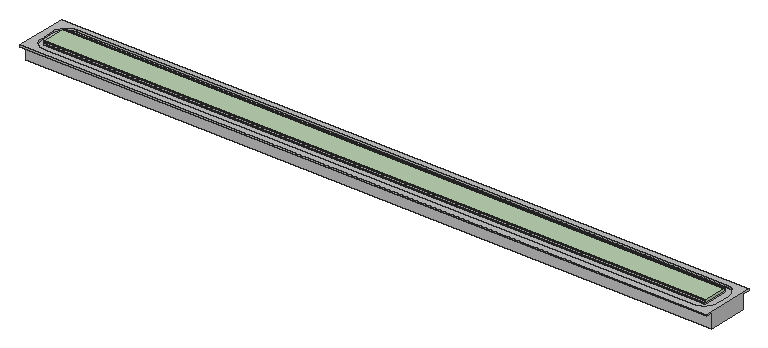
Revit family "Drain-Linear_Tile_Noble_FreeStyle", category Plumbing Fixtures, host Face, Revit 2015
Parameters (values of type "60in PVC")
  Weight = "10 lbs"
  URL = "www.noblecompany.com"
  Type Comments = ""
  Tile [instance] = Tile
  Product Properties = "http://www.noblecompany.com/Portals/0/PRODUCT%20INFO/Product%20Descriptions/FreeStyle%20Linear%20Drain%20Product%20Decription%200410.pdf"
  Product Data = "http://www.noblecompany.com/Products/ShowerProducts/tabid/59/Default.aspx"
  Plate = Stainless Steel - Brushed
  Model = "Freestyle 60 PVC - Wave"
  Manufacturer Phone - Toll Free = "800-878-5788"
  Manufacturer Phone = "231-799-8000"
  Manufacturer Fax = "231-799-8850"
  Manufacturer Email = "mailto:sales@noblecompany.com"
  Manufacturer Address = "7300 Enterprise Drive, Spring Lake, MI  49456 USA"
  Manufacturer = "Noble Company"
  Installation-Fabrication = "http://www.noblecompany.com/Portals/0/PRODUCT%20INFO/Product%20Descriptions/FreeStyle%20Linear%20Drain%20Product%20Decription%200410.pdf"
  GPM = 0 GPM
  Description = "Freestyle 60 PVC - Wave Linear Drain"
  Building Codes = "http://www.noblecompany.com/Portals/0/TECHNICAL%20INFO/Listing_Testing_Certification_Reports/PMG-1065%20Noble%20Company%20Linear%20Drain%20final%202.pdf"
  Base = PVC
  B = 57 3/4"
  Assembly Code = "D2030300"
  A = 60"
  Default Elevation = 0"
  D = 1 5/8"
  C = 33 3/4"
Types (14): name | Tile | Model | Description | Base | B | A | D | C
  24in ABS | Stainless Steel - Brushed | "Freestyle 24 ABS - Wave" | "Freestyle 24 ABS - Wave Linear Drain" | ABS | 21 3/4" | 24" | 1 1/4" | 15 3/4"
  32in ABS | Stainless Steel - Brushed | "Freestyle 32 ABS - Wave" | "Freestyle 32 ABS - Wave Linear Drain" | ABS | 29 3/4" | 32" | 1 3/8" | 19 1/2"
  36in ABS | Stainless Steel - Brushed | "Freestyle 36 ABS - Wave" | "Freestyle 36 ABS - Wave Linear Drain" | ABS | 33 3/4" | 36" | 1 3/8" | 21 3/4"
  40in ABS | Stainless Steel - Brushed | "Freestyle 40 ABS - Wave" | "Freestyle 40 ABS - Wave Linear Drain" | ABS | 37 3/4" | 40" | 1 7/16" | 23 3/4"
  48in ABS | Stainless Steel - Brushed | "Freestyle 48 ABS - Wave" | "Freestyle 48 ABS - Wave Linear Drain" | ABS | 45 3/4" | 48" | 1 1/2" | 27 3/4"
  54in ABS | Stainless Steel - Brushed | "Freestyle 54 ABS - Wave" | "Freestyle 54 ABS - Wave Linear Drain" | ABS | 51 3/4" | 54" | 1 9/16" | 30 3/4"
  60in ABS | Stainless Steel - Brushed | "Freestyle 60 ABS - Wave" | "Freestyle 60 ABS - Wave Linear Drain" | ABS | 57 3/4" | 60" | 1 5/8" | 33 3/4"
  24in PVC | Stainless Steel - Brushed | "Freestyle 24 PVC - Wave" | "Freestyle 24 PVC - Wave Linear Drain" | PVC | 21 3/4" | 24" | 1 1/4" | 15 3/4"
  32in PVC | Stainless Steel - Brushed | "Freestyle 32 PVC - Wave" | "Freestyle 32 PVC - Wave Linear Drain" | PVC | 29 3/4" | 32" | 1 3/8" | 19 1/2"
  36in PVC | Stainless Steel - Brushed | "Freestyle 36 PVC - Wave" | "Freestyle 36 PVC - Wave Linear Drain" | PVC | 33 3/4" | 36" | 1 3/8" | 21 3/4"
  40in PVC | Stainless Steel - Brushed | "Freestyle 40 PVC - Wave" | "Freestyle 40 PVC - Wave Linear Drain" | PVC | 37 3/4" | 40" | 1 7/16" | 23 3/4"
  48in PVC | Stainless Steel - Brushed | "Freestyle 48 PVC - Wave" | "Freestyle 48 PVC - Wave Linear Drain" | PVC | 45 3/4" | 48" | 1 1/2" | 27 3/4"
  54in PVC | Stainless Steel - Brushed | "Freestyle 54 PVC - Wave" | "Freestyle 54 PVC - Wave Linear Drain" | PVC | 51 3/4" | 54" | 1 9/16" | 30 3/4"
  60in PVC | Tile | "Freestyle 60 PVC - Wave" | "Freestyle 60 PVC - Wave Linear Drain" | PVC | 57 3/4" | 60" | 1 5/8" | 33 3/4"
Reference planes (in)
  plane 1 "Center (Front/Back)": y = 0
  plane 2: z = 0
  plane 3 "Center (Left/Right)": x = 0
  plane 4: z = -1.625
  plane 5: z = -4.05899
  plane 6: z = -1.625
  plane 7: y = 1.6875
  plane 8: y = -1.6875
  plane 9: z = -0.375
  plane 10: y = 2.25
  plane 11: y = -2.25
  plane 12: z = -0.3125
  plane 13: x = 30
  plane 14: x = -30
  plane 15: x = 28.875
  plane 16: x = -3.75
  plane 17: x = -28.875
  plane 18: z = -0.125
Forms (in)
  Extrusion 1, void, detail levels medium+fine
    sketch origin (0, 0, 0) x (1, 0, 0) y (0, 1, 0)
      loop
        circle (-3.75, 0) r 1
    from -60 to 34.55449
  Extrusion 2, solid, material "PVC" <- "Base", detail levels medium+fine
    sketch origin (10.05986, 0, 0) x (0, 1, 0) y (0, 0, 1)
      loop
        line (2.25, -0.375) -> (2.25, -0.25) -> (-2.25, -0.25) -> (-2.25, -0.375) -> (-1.6875, -0.375) -> (-1.6875, -1.625) -> (1.6875, -1.625) -> (1.6875, -0.375) -> (2.25, -0.375)
    from -40.05986 to 19.94014
  Extrusion 3, void
    sketch origin (10.05986, 0, 0) x (1, 0, 0) y (0, 1, 0)
      loop
        arc (-38.37906, 1.769) -> (-39.18512, 1.43512) -> (-39.519, 0.62906) r 1.13994
        line (-39.519, 0.62906) -> (-39.519, -0.63005)
        arc (-39.519, -0.63005) -> (-39.18541, -1.43541) -> (-38.38005, -1.769) r 1.13895
        line (-38.38005, -1.769) -> (18.37931, -1.769)
        arc (18.37931, -1.769) -> (19.18519, -1.43519) -> (19.519, -0.62931) r 1.13969
        line (19.519, -0.62931) -> (19.519, 0.62118)
        arc (19.519, 0.62118) -> (19.18281, 1.43281) -> (18.37118, 1.769) r 1.14782
        line (18.37118, 1.769) -> (-38.37906, 1.769)
    from -0.375 to 0
  Extrusion 4, void
    sketch origin (0, 0, 0) x (1, 0, 0) y (0, 1, 0)
      loop
        line (29, 1.269) -> (-29, 1.269) -> (-29, -1.269) -> (29, -1.269) -> (29, 1.269)
    from -0.125 to 0
  Extrusion 5, void, detail levels fine
    sketch origin (0, 0, 0) x (0, 1, 0) y (0, 0, 1)
      loop
        line (2.25, -0.375) -> (2.25, -0.125) -> (-2.25, -0.125) -> (-2.25, -0.375) -> (-1.6875, -0.375) -> (-1.6875, -1.625) -> (1.6875, -1.625) -> (1.6875, -0.375) -> (2.25, -0.375)
    from -30 to 30
Cuts and joins
  Extrusion 1, Extrusion 3 cuts Extrusion 2
Lines and regions (in)
  model lines, detail levels coarse+medium
    curve 1: line (-3.75, 0, 0) -> (-3.75, 0, -1.625)
  model lines, style "PlumbingFixtures", detail levels coarse
    curve 2: line (-30, 2.25, 0) -> (-30, -2.25, 0)
    curve 3: line (-30, 2.25, 0) -> (30, 2.25, 0)
    curve 4: line (30, 2.25, 0) -> (30, -2.25, 0)
    curve 5: line (-30, -2.25, 0) -> (30, -2.25, 0)
    curve 6: line (30, 0, 0) -> (-30, 0, 0)
Dimensions and locks (in)
  "D": plane 2 to plane 4
  locked: plane 4 to plane 5 at 2.43399
  "D": plane 6 to level
  equal spacing: plane 7, plane 1 "Center (Front/Back)", plane 8, locked at 1.6875 each
  locked: plane 9 to level at 0.375
  plane 7 to plane 8 = 3 3/8"
  locked: plane 10 to plane 7 at 0.5625
  locked: plane 8 to plane 11 at 0.5625
  "A": plane 14 to plane 13
  locked: plane 15 to plane 13 at 1.125
  "C": plane 16 to plane 13
  locked: plane 14 to plane 17 at 1.125
  locked: Extrusion 3 sketch curve to plane 13 at 0.42114
  locked: plane 14 to Extrusion 3 sketch curve at 0.54086
  equal spacing: plane 14, plane 3 "Center (Left/Right)", plane 13
  locked: plane 9 to plane 12 at 0.0625
  locked: level to plane 18 at 0.125
  level to Extrusion 2 sketch curve = 1/4"
  locked: plane 15 to Extrusion 4 sketch curve at 0.125
  locked: Extrusion 4 sketch curve to plane 17 at 0.125
  radius of Extrusion 1 sketch curve = 1"
  aligned and locked: plane 2 to host face
  aligned and locked: level to host face
  aligned and locked: plane 1 "Center (Front/Back)" to Extrusion 1 sketch curve
  aligned and locked: plane 13 to Extrusion 2
  aligned and locked: plane 16 to Extrusion 1 sketch curve
  aligned and locked: plane 10 to Extrusion 5 sketch curve
  aligned and locked: plane 9 to Extrusion 5 sketch curve
  aligned and locked: plane 7 to Extrusion 5 sketch curve
  aligned and locked: plane 4 to Extrusion 5 sketch curve
  aligned and locked: plane 11 to Extrusion 5 sketch curve
  aligned and locked: Extrusion 5 sketch curve to plane 8
  aligned and locked: Extrusion 5 to plane 14
  aligned and locked: plane 13 to Extrusion 5
  aligned and locked: curve 6 to plane 1 "Center (Front/Back)"
  aligned and locked: plane 14 to curve 6
  aligned and locked: plane 13 to curve 6
  aligned and locked: curve 1 to plane 16
  aligned and locked: level to curve 1
  aligned and locked: plane 6 to curve 1
  aligned and locked: Extrusion 2 to plane 14
  aligned and locked: plane 3 "Center (Left/Right)" to nested 1
  aligned and locked: plane 1 "Center (Front/Back)" to nested 1
  aligned and locked: plane 12 to nested 1
  aligned and locked: plane 9 to Extrusion 3
  aligned and locked: Extrusion 4 to plane 18
  aligned and locked: level to Extrusion 4
Automatic sketch dimensions
  host sketch curve to host sketch curve = 48 1/4"
  host sketch curve to host sketch curve = 96"
  plane 9 to Extrusion 2 sketch curve = 0"  (x2)
  Extrusion 2 sketch curve to plane 11 = 0"
  Extrusion 2 sketch curve to plane 4 = 0"
  Extrusion 2 sketch curve to plane 8 = 0"
  Extrusion 2 sketch curve to plane 7 = 0"
  Extrusion 2 sketch curve to plane 10 = 0"
  Extrusion 3 sketch curve to plane 8 = 0.0815"
  plane 17 to Extrusion 3 sketch curve = 0.55481"
  Extrusion 3 sketch curve to plane 7 = 0.0815"
  plane 17 to Extrusion 3 sketch curve = 0.5558"
  Extrusion 3 sketch curve to plane 15 = 0.44396"
  Extrusion 3 sketch curve to plane 15 = 0.43583"
  curve 2 to plane 10 = 0"
  curve 5 to plane 11 = 0"
  plane 9 to Extrusion 5 sketch curve = 0"
  Extrusion 5 sketch curve to plane 18 = 0"
  plane 8 to Extrusion 4 sketch curve = 0.4185"
  plane 7 to Extrusion 4 sketch curve = 0.4185"
Nested families (in)
  nested 1: "Strainer_Wave" at (-12.24848, 0, -0.375), type "24"", detail levels fine
Connectors (in)
  piping at (-3.75, 0, -1.625), diameter 2, driven by "GPM"
    settings: on cut or joined group of Extrusion 1, Extrusion 2, Extrusion 3, index 1, connector inside diameter 2", connector length 0", flow factor 0, pipe flow 0 GPM, pressure drop 0.00 psi, fitting loss kfactor 0, connector angle 0.00°, fixture units 0, engagement length 0", angle of deflection 0.00°, flow configuration 0, flow direction 2, fitting loss method 0, system type 16, joint type 0, gender type 0, connector reference index -1, connector utility 0, adjustable connector no, is connector primary yes, connector description ""
Definition of nested family "Strainer_Wave"
  Parameters
    Tile = none
    Strainer Width = 2 1/4"
    Strainer Height = 5/16"
    Strainer Length = 57 3/4"
    Strainer Finish = none
  Reference planes (in)
    plane 1 "Center (Front/Back)": y = 0
    plane 2: z = 0
    plane 3 "Center (Left/Right)": x = 12.24848
    plane 4 "Left": x = -16.62652
    plane 5 "Right": x = 41.12348
    plane 6: y = 1.125
    plane 7: y = -1.125
    plane 8: z = 0.3125
  Forms (in)
    Extrusion 1, solid, material <- "Strainer Finish"
      sketch origin (12.24848, 0, 0) x (0, 1, 0) y (0, 0, 1)
        loop
          line (1.125, 0.3125) -> (1.06302, 0.3125) -> (1.06302, 0.15625)
          arc (1.06302, 0.15625) -> (1.04564, 0.09963) -> (0.9995, 0.0625) r 0.10095
          line (0.9995, 0.0625) -> (-0.9995, 0.0625)
          arc (-0.9995, 0.0625) -> (-1.04564, 0.09963) -> (-1.06302, 0.15625) r 0.10095
          line (-1.06302, 0.15625) -> (-1.06302, 0.3125) -> (-1.125, 0.3125) -> (-1.125, 0.125)
          arc (-1.125, 0.125) -> (-1.08839, 0.03661) -> (-1, 0) r 0.125
          line (-1, 0) -> (1, 0)
          arc (1, 0) -> (1.08839, 0.03661) -> (1.125, 0.125) r 0.125
          line (1.125, 0.125) -> (1.125, 0.3125)
      from -28.875 to 28.875
    Extrusion 2, solid, material <- "Tile", detail levels medium+fine
      sketch origin (0, 0, 0) x (1, 0, 0) y (0, 1, 0)
        loop
          line (-16.62652, 1.03121) -> (-16.62652, -1.03293) -> (41.12348, -1.03293) -> (41.12348, 1.03121) -> (-16.62652, 1.03121)
      from 0.0625 to 0.3125
  Dimensions and locks (in)
    "Strainer Length": plane 4 "Left" to plane 5 "Right"
    equal spacing: plane 4 "Left", plane 3 "Center (Left/Right)", plane 5 "Right"
    equal spacing: plane 7, plane 1 "Center (Front/Back)", plane 6
    "Strainer Width": plane 6 to plane 7
    "Strainer Height": plane 8 to level
    Extrusion 1 to level = 5/16"
    aligned and locked: plane 8 to Extrusion 1 sketch curve
    aligned and locked: plane 6 to Extrusion 1 sketch curve
    aligned and locked: Extrusion 1 sketch curve to plane 7
    aligned and locked: Extrusion 1 to plane 4 "Left"
    aligned and locked: plane 5 "Right" to Extrusion 1
    aligned and locked: Extrusion 2 sketch curve to plane 5 "Right"
    aligned and locked: plane 4 "Left" to Extrusion 2 sketch curve
  Automatic sketch dimensions
    Extrusion 1 sketch curve to level = 0"
    Extrusion 1 sketch curve to plane 8 = 0"
    plane 7 to Extrusion 1 sketch curve = 0.06198"
    plane 7 to Extrusion 1 sketch curve = 1/8"
    Extrusion 1 sketch curve to Extrusion 1 sketch curve = 0.0005"  (x2)
    Extrusion 1 sketch curve to Extrusion 1 sketch curve = 0.03793"  (x2)
    Extrusion 1 sketch curve to plane 6 = 0.06198"
    Extrusion 1 sketch curve to Extrusion 1 sketch curve = 1/16"
    Extrusion 1 sketch curve to Extrusion 1 sketch curve = 1/32"
    plane 7 to Extrusion 2 sketch curve = 0.09207"
    Extrusion 2 sketch curve to plane 6 = 0.09379"
